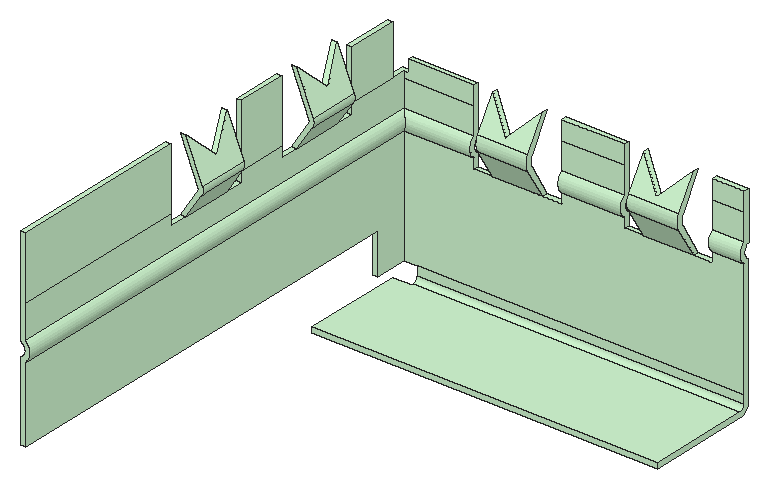
Revit family "20eTLクロス右 H=8-eL3520(ツメ)", category 機械設備, Revit 2020
Family settings
  丸型コネクタ寸法 = 直径を使用
  種別 = なし
  パーツ タイプ = 標準
  作業面ベース = いいえ
  常に垂直 = はい
  ロード時にボイドで切り取り = いいえ
  共有 = いいえ
  部屋計算ポイント = いいえ
Parameters
  製造元 = "株式会社桐井製作所"
  既定の高さ = 0 mm
  URL = "https://www.kirii.co.jp/"
  K_材質 = "溶融亜鉛めっき鋼板及び鋼帯 SGCC 一般用"
  K_品名 = "20eTLクロス右 H=8-eL3520(ツメ)"
  K_名称 = "eTLクロス"
  K_入数 = "250"
  K_備考 = "対象Tバー:eT4015、eY4815　対象Lバー:eL3520(20面)"
  K_バージョン情報 = "20220411"
  K_めっき付着量 = "Z12"
  K_JIS規格 = "JIS G 3302"
Reference planes
  plane 1 "中心(正面/背面)": y = 0
  plane 2: z = 0
  plane 3 "中心(左/右)": x = 0
Forms (mm)
  Extrusion 1, solid
    sketch origin (0, 0, 0) x (0, 1, 0) y (0, 0, -1)
      loop
        line (-1.6, 0) -> (-18, 0) -> (-18, -0.8) -> (-1.6, -0.8)
        arc (-1.6, -0.8) -> (-1.034, -1.034) -> (-0.8, -1.6) r 0.8
        line (-0.8, -1.6) -> (-0.8, -3) -> (-0.8, -21.531)
        arc (-0.8, -21.531) -> (-1.6, -23.131) -> (-0.8, -24.731) r 2
        line (-0.8, -24.731) -> (-0.8, -29) -> (-0.8, -32) -> (0, -32) -> (0, -24.263)
        arc (0, -24.263) -> (-0.8, -23.131) -> (0, -22) r 1.2
        line (0, -22) -> (0, -1.6)
        arc (0, -1.6) -> (-0.469, -0.469) -> (-1.6, 0) r 1.6
    from -55 to 0
  Extrusion 2, void
    sketch origin (0, 0, 0) x (1, 0, 0) y (0, 0, -1)
      loop
        line (12, -32) -> (26, -32) -> (26, -20) -> (12, -20) -> (12, -32)
    from -1.655 to 0
  Extrusion 3, void
    sketch origin (29, 0, 0) x (1, 0, 0) y (0, 0, -1)
      loop
        line (7, -32) -> (21, -32) -> (21, -20) -> (7, -20) -> (7, -32)
    from -1.655 to 0
  Extrusion 4, solid
    sketch origin (0, 0, -1.531) x (0, 1, 0) y (0, 0, -1)
      loop
        arc (-3.075, -28.319) -> (-3.298, -27.531) -> (-3.075, -26.744) r 1.5
        line (-3.075, -26.744) -> (0, -21.531) -> (-0.8, -21.531) -> (-3.756, -26.324)
        arc (-3.756, -26.324) -> (-4.098, -27.531) -> (-3.756, -28.739) r 2.3
        line (-3.756, -28.739) -> (-0.8, -33.531) -> (0, -33.531) -> (-3.075, -28.319)
    from -23 to -15
  Extrusion 5, void
    sketch origin (0, 0, 0) x (1, 0, 0) y (0, 0, -1)
      loop
        line (19, -28) -> (15, -32) -> (23, -32) -> (19, -28)
    from -3.407 to 0
  Extrusion 6, solid
    sketch origin (24, 0, -1.531) x (0, 1, 0) y (0, 0, -1)
      loop
        arc (-3.075, -28.319) -> (-3.298, -27.531) -> (-3.075, -26.744) r 1.5
        line (-3.075, -26.744) -> (0, -21.531) -> (-0.8, -21.531) -> (-3.756, -26.324)
        arc (-3.756, -26.324) -> (-4.098, -27.531) -> (-3.756, -28.739) r 2.3
        line (-3.756, -28.739) -> (-0.8, -33.531) -> (0, -33.531) -> (-3.075, -28.319)
    from -23 to -15
  Extrusion 7, void
    sketch origin (24, 0, 0) x (1, 0, 0) y (0, 0, -1)
      loop
        line (19, -28) -> (15, -32) -> (23, -32) -> (19, -28)
    from -3.407 to 0
  Extrusion 8, void
    sketch origin (0, 0, 0) x (1, 0, 0) y (0, 0, 1)
      loop
        line (0, 3) -> (0, 0) -> (3, 0) -> (3, 3) -> (0, 3)
    from 0 to 1.927
  Extrusion 9, solid
    sketch origin (0, 0, 0) x (1, 0, 0) y (0, 0, 1)
      loop
        line (0.8, 40) -> (0, 40) -> (0, 24.263)
        arc (0, 24.263) -> (0.8, 23.131) -> (0, 22) r 1.2
        line (0, 22) -> (0, 3) -> (0.8, 3) -> (0.8, 21.531)
        arc (0.8, 21.531) -> (1.6, 23.131) -> (0.8, 24.731) r 2
        line (0.8, 24.731) -> (0.8, 30) -> (0.8, 40)
    from 0 to 76
  Extrusion 10, void
    sketch origin (0, 0, 0) x (0, 1, 0) y (0, 0, 1)
      loop
        line (0, 30) -> (0, 40) -> (-25, 40) -> (-25, 28.295) -> (-11, 28.295) -> (-11, 37.953) -> (-3, 37.953) -> (-3, 30) -> (0, 30)
      loop
        line (-33, 40) -> (-47, 40) -> (-47, 28.295) -> (-33, 28.295) -> (-33, 40)
    from 0 to 1.621
  Extrusion 11, solid
    sketch origin (0, 0, 0) x (1, 0, 0) y (0, 0, -1)
      loop
        arc (3.49, -33.491) -> (3.564, -32.769) -> (3.311, -32.089) r 1.6
        line (3.311, -32.089) -> (0.8, -28.295) -> (0, -28.295) -> (2.861, -32.86) -> (0, -39.953) -> (0.8, -39.953) -> (3.49, -33.491)
    from -22 to -14
  Extrusion 12, void
    sketch origin (0, 0, 0) x (0, 1, 0) y (0, 0, -1)
      loop
        line (-14, -39.953) -> (-18, -35.953) -> (-22, -39.953) -> (-14, -39.953)
    from -2.514 to 0
  Extrusion 13, solid
    sketch origin (0, -22, 0) x (1, 0, 0) y (0, 0, -1)
      loop
        arc (3.49, -33.491) -> (3.564, -32.769) -> (3.311, -32.089) r 1.6
        line (3.311, -32.089) -> (0.8, -28.295) -> (0, -28.295) -> (2.861, -32.86) -> (0, -39.953) -> (0.8, -39.953) -> (3.49, -33.491)
    from -22 to -14
  Extrusion 14, void
    sketch origin (0, -22, 0) x (0, 1, 0) y (0, 0, -1)
      loop
        line (-14, -39.953) -> (-18, -35.953) -> (-22, -39.953) -> (-14, -39.953)
    from -2.514 to 0
  Extrusion 15, void
    sketch origin (0, 0, 0) x (0, 1, 0) y (0, 0, 1)
      loop
        line (-76, 9.5) -> (-76, 3) -> (-6, 3) -> (-6, 9.5) -> (-76, 9.5)
    from 0 to 0.8
Cuts and joins
  Extrusion 5, Extrusion 7 cuts Extrusion 4
  Extrusion 7 cuts Extrusion 6
  Extrusion 2, Extrusion 3, Extrusion 8, Extrusion 10, Extrusion 15 cuts Extrusion 1
  Extrusion 10, Extrusion 15 cuts Extrusion 9
  Extrusion 12, Extrusion 15 cuts Extrusion 11
  Extrusion 14, Extrusion 15 cuts Extrusion 13
  joined: Extrusion 1, Extrusion 9, Extrusion 11, Extrusion 13
Dimensions and locks
  aligned and locked: level to plane 2
